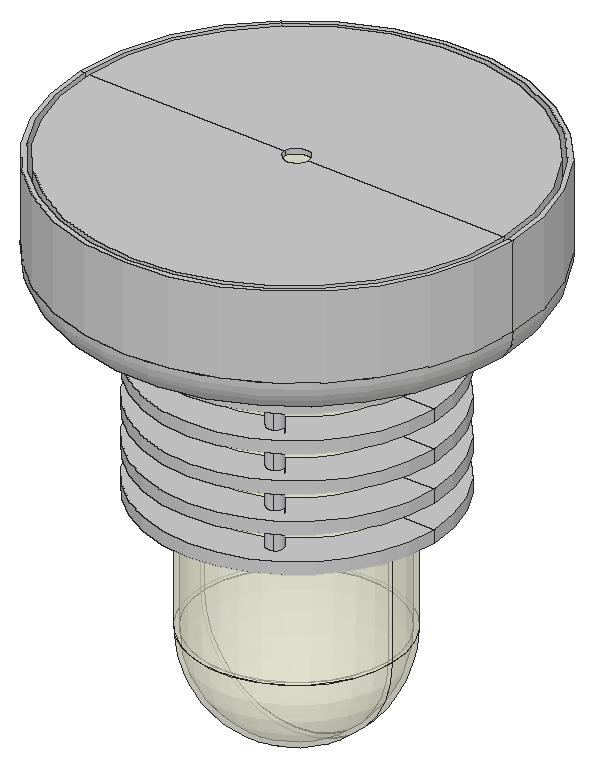
Revit family "LF2", category Lighting Fixtures, Revit 2024
Family settings
  Round Connector Dimension = Use Diameter
  Part Type = Normal
  OmniClass Number = 23.80.70.00
  OmniClass Title = Lighting
  Work Plane-Based = No
  Always vertical = Yes
  Cut with Voids When Loaded = No
  Light Source = No
  Maintain Annotation Orientation = No
  Shared = No
  Room Calculation Point = No
Parameters
  Default Elevation = 0' - 0"
Reference planes (in)
  plane 1 "Light Source Axis (F/B)": y = 0
  plane 2: z = 0
  plane 3 "Light Source Axis (L/R)": x = 0
  plane 4 "Light Source Elevation": z = 54
Forms (in)
  Revolve 1, solid, material "49"
    sketch origin (0, 0, 0) x (1, 0, 0) y (0, 0, 1)
      loop
        line (-4.5, 64.75) -> (-4.5, 63.04467)
        arc (-4.5, 63.04467) -> (-4.28033, 62.51434) -> (-3.75, 62.29467) r 0.75
        line (-3.75, 62.29467) -> (-2.00029, 62.29467) -> (-2.00029, 62.38842) -> (-3.75, 62.38842)
        arc (-3.75, 62.38842) -> (-4.21404, 62.58063) -> (-4.40625, 63.04467) r 0.65625
        line (-4.40625, 63.04467) -> (-4.40625, 64.75) -> (-4.5, 64.75)
      loop
        line (-2.078, 61.79467) -> (-2.8614, 61.79467) -> (-2.8614, 61.54467) -> (-2.078, 61.54467) -> (-2.078, 61.79467)
      loop
        line (-2.078, 61.04467) -> (-2.8614, 61.04467) -> (-2.8614, 60.79467) -> (-2.078, 60.79467) -> (-2.078, 61.04467)
      loop
        line (-2.078, 60.29467) -> (-2.8614, 60.29467) -> (-2.8614, 60.04467) -> (-2.078, 60.04467) -> (-2.078, 60.29467)
      loop
        line (-2.078, 59.54467) -> (-2.8614, 59.54467) -> (-2.8614, 59.29467) -> (-2.078, 59.29467) -> (-2.078, 59.54467)
      loop
        line (-2.078, 58.79467) -> (-2.8614, 58.79467) -> (-2.8614, 58.54467) -> (-2.078, 58.54467) -> (-2.078, 58.79467)
      loop
        line (-4.3125, 64.75) -> (-4.3125, 63.04467) -> (-4.21875, 63.04467) -> (-4.21875, 64.65625) -> (-0.25, 64.65625) -> (-0.25, 64.75) -> (-4.3125, 64.75)
      axis (0, 64.75) -> (0, 58.54467)
    angle from 0 to 360
  Revolve 2, solid, material "VAPOR GLASS"
    sketch origin (0, 0, 0) x (1, 0, 0) y (0, 0, 1)
      loop
        arc (-2, 56) -> (-1.41421, 54.58579) -> (0, 54) r 2
        line (0, 54) -> (0, 54.09375)
        arc (0, 54.09375) -> (-1.34792, 54.65208) -> (-1.90625, 56) r 1.90625
        line (-1.90625, 56) -> (-1.90625, 62.5) -> (-2, 62.5) -> (-2, 56)
      axis (0, 62.5) -> (0, 54)
    angle from 0 to 360
  Revolve 3, solid
    sketch origin (0, 0, 0) x (1, 0, 0) y (0, 0, 1)
      loop
        line (-2.51133, 58.79467) -> (-2.34711, 58.79467) -> (-2.34711, 62.29467) -> (-2.51133, 62.29467) -> (-2.51133, 58.79467)
      axis (-2.34711, 58.79467) -> (-2.34711, 62.29467)
    angle from 0 to 360
  Revolve 4, solid
    sketch origin (0, 0, 0) x (-0.5, -0.866025, 0) y (0, 0, 1)
      loop
        line (-2.51133, 58.79467) -> (-2.34711, 58.79467) -> (-2.34711, 62.29467) -> (-2.51133, 62.29467) -> (-2.51133, 58.79467)
      axis (-2.34711, 58.79467) -> (-2.34711, 62.29467)
    angle from 0 to 360
  Revolve 5, solid
    sketch origin (0, 0, 0) x (-0.5, 0.866025, 0) y (0, 0, 1)
      loop
        line (-2.51133, 58.79467) -> (-2.34711, 58.79467) -> (-2.34711, 62.29467) -> (-2.51133, 62.29467) -> (-2.51133, 58.79467)
      axis (-2.34711, 58.79467) -> (-2.34711, 62.29467)
    angle from 0 to 360
Dimensions and locks (in)
  aligned and locked: level to plane 2
